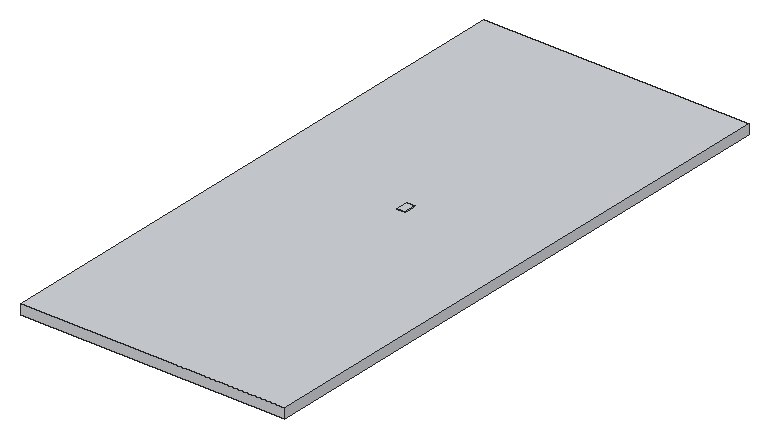
Revit family "M_Rectangular Face Opening Solid", category Generic Models, host Face, Revit 2023
Family settings
  Host = Face
  Can host rebar = No
  Round Connector Dimension = Use Diameter
  Part Type = Normal
  OmniClass Number = 23.30.00.00
  OmniClass Title = Openings, Passages, Protection
  Cut with Voids When Loaded = Yes
  Maintain Annotation Orientation = No
  Shared = No
  Room Calculation Point = No
Parameters (values of type "Rectangular Face Opening")
  isRotated [instance] = no
  h [instance] = 300 mm
  b [instance] = 200 mm
  U.K_#World [instance] = Opening Absolute Level - Height / 2  # -150 mm
  U.K_#Project [instance] = Opening Elevation - Height / 2  # -150 mm
  U.K_#Link [instance] = ##Middle Elevation - Height / 2  # -150 mm
  Slope Shift_Plan [instance] = Width_help / 2  # 100 mm
  Slope Shift_Front_Back [instance] = if(or(Rotate = 90.00°, Rotate = 270.00°), (Width_help - Additional Bottom Cut Offset + Additional Top Cut Offset) / 2, Width / 2)  # 100 mm
  Slope Shift_Left_Right [instance] = if(Slope = 0.00°, if(or(Rotate = 0.00°, Rotate = 180.00°), HT, Height_help / 2), (if(or(Rotate = 90.00°, Rotate = 270.00°), Width / cos(Slope) / 2 - (Depth with Offset * tan(Slope)), Height_help w_o add offsets / cos(Slope) / 2 - (Depth with Offset * tan(Slope)) + if(Additional Top Cut Offset > 0 mm, Additional Top Cut Offset / cos(Slope), 0 mm)))) + (tan(Slope) * Depth with Offset) + if(Rotate = 0.00°, Additional Bottom Cut Offset - Additional Top Cut Offset, 0 mm)  # 150 mm
  Width_help [instance] = if(or(Rotate = 90.00°, Rotate = 270.00°), Height, Width)  # 200 mm
  Subcategory = "Cut Opening"  # constant formula
  Slope_Help [instance] = if(Face Offset_True = 0 mm, 2 mm, 1 mm)  # 2 mm
  Slope [instance] = 0.00°  # constant formula
  Opening Elevation [instance] = 0 mm
  Opening Area [instance] = Width * Height  # 0.06 m²
  Opening Absolute Level [instance] = 0 mm
  MEP - Comment [instance] = "-"
  Inspect [instance] = yes
  Height_help w_o add offsets [instance] = if(h > 2 mm, h + 2 * Cut Offset, 2 mm)  # 300 mm
  Width [instance] = if(b > 2 mm, b + 2 * Cut Offset, 2 mm)  # 200 mm
  Top Length [instance] = if(Face Offset_True = 0 mm, if(Lengthen / 1 * tan(Slope_T) < 2 mm, 0 mm, Lengthen / 1 * tan(Slope_T)), 0 mm)  # 0 mm
  Slope_T [instance] = if(and(not(Slope < 0.00°), Slope < 85.00°), Slope, 0.00°)  # 0.00°
  Rotate_T [instance] = -Rotate  # 0.00°
  Rotate [instance] = 0.00°  # constant formula
  Opening Offset Z [instance] = (-(Additional Top Cut Offset - Additional Bottom Cut Offset) / 2) * sin(Rotate)  # 0 mm
  Opening Offset X [instance] = (-(Additional Top Cut Offset - Additional Bottom Cut Offset) / 2) * cos(Rotate)  # 0 mm
  Lengthen [instance] = if(Height > Width, Height, Width)  # 300 mm
  Height_help [instance] = if(or(Rotate = 90.00°, Rotate = 270.00°), Width / cos(Slope), Height / cos(Slope))  # 300 mm
  HT [instance] = (h / 2 + 1 * Cut Offset + Additional Top Cut Offset) / sin(Angle)  # 150 mm
  HB [instance] = (h / 2 + 1 * Cut Offset + Additional Bottom Cut Offset) / sin(Angle)  # 150 mm
  Filled Region = yes
  Lines [instance] = not(Filled Region)  # no
  Face Offset_Positive [instance] = if(Face Offset_True > 0 mm, Face Offset_True, 0 mm)  # 0 mm
  Face Offset_Negative [instance] = if(Face Offset_True < 0 mm, -Face Offset_True, 0 mm)  # 0 mm
  Face Offset_True [instance] = if(Slope = 0.00°, Face Offset, 0 mm)  # 0 mm
  Face Offset [instance] = 0 mm  # constant formula
  Extrude End [instance] = -Depth_True  # -250 mm
  Detail - Yes / No [instance] = no
  Description = "F"
  Depth_True [instance] = if(Depth with Offset + Face Offset_True > 2 mm, Depth with Offset + Face Offset_True, 2 mm)  # 250 mm
  Depth with Offset [instance] = Depth + Depth Offset  # 250 mm
  Depth Offset [instance] = 0 mm  # constant formula
  Depth [instance] = 250 mm
  Dashed Outline = yes
  Bottom Length [instance] = if(Depth with Offset > 2 mm, Depth with Offset / sin(Angle), 2 mm) + Lengthen / 1 * tan(Slope_T)  # 250 mm
  Height_True [instance] = Height / sin(Angle)  # 300 mm
  Height [instance] = if(h > 2.032 mm, h + 2 * Cut Offset + Additional Top Cut Offset + Additional Bottom Cut Offset, 2.032 mm)  # 300 mm
  Default Elevation = 0 mm
  Cut Offset [instance] = 0 mm  # constant formula
  BPM_txt2 [instance] = ""
  BPM_txt1 [instance] = ""
  BPM_bool2 [instance] = no
  BPM_bool1 [instance] = no
  Assembly Code = ""
  Angle [instance] = 90.00° - Slope_T  # 90.00°
  Additional Top Cut Offset [instance] = 0 mm  # constant formula
  Additional Bottom Cut Offset [instance] = 0 mm  # constant formula
  ##Reference Level [instance] = ""
  ##Middle Elevation [instance] = 0 mm
Reference planes
  plane 1 "Center (Front/Back)": y = 0
  plane 2: z = 0
  plane 3 "Center (Left/Right)": x = 0
  plane 4: x = -100
  plane 5: x = 100
  plane 6: y = -150
  plane 7: y = 150
  plane 8 "Graphical Elements Movement Help": y = -150
  plane 9 "Graphical Elements Movement Help 2": x = -100
  plane 10 "Face Offset_Negative": z = 0
  plane 11 "Face Offset_Positive": z = 0
  plane 12 "Graphical Elements Movement Help 3": x = 0
Forms (mm)
  Extrusion 1, solid
    sketch origin (0, 0, 0) x (1, 0, 0) y (0, 1, 0)
      loop
        line (-3545.185, 6900) -> (-3545.185, -7832.283) -> (3196.862, -7832.283) -> (3196.862, 6900) -> (-3545.185, 6900)
    from 0 to -250 <- "Extrude End"
  Sweep 2, solid
    path in 3D
      loop
        line (0, 0, -250) -> (0, 0, -2) -> (0, 0, 0)
    profile "Rertangular Profile : Rertangular Profile" origin (0, 0, -1) x (0, -1, 0) y (1, 0, 0)
      loop
        line (-150, 100) -> (-150, -100) -> (150, -100) -> (150, 100) -> (-150, 100)
Lines and regions (mm)
  reference lines
    curve 1: line (0, 0, -2) -> (0, 0, 0)
    curve 2: line (0, 0, -2) -> (0, 0, -250)
  sketch lines
    curve 3: line (0, 0, -2) -> (0, 0, 0)
    curve 4: line (0, 0, -2) -> (0, 0, -250)
Dimensions and locks
  equal spacing: plane 4, plane 3 "Center (Left/Right)", plane 5
  "Width": plane 4 to plane 5
  "Height_True": plane 7 to plane 6
  "Bottom Length": plane 2 to curve 2
  "Top Length": plane 10 "Face Offset_Negative" to curve 1
  "HT": plane 1 "Center (Front/Back)" to plane 7
  "HB": plane 1 "Center (Front/Back)" to plane 6
  plane 1 "Center (Front/Back)" to plane 8 "Graphical Elements Movement Help" = 150 mm
  "Slope Shift_Front_Back": plane 3 "Center (Left/Right)" to plane 9 "Graphical Elements Movement Help 2"
  "Face Offset_Positive": plane 11 "Face Offset_Positive" to plane 2
  "Face Offset_Negative": plane 11 "Face Offset_Positive" to plane 10 "Face Offset_Negative"
  "Slope_Help": plane 10 "Face Offset_Negative" to curve 1
  "Slope Shift_Left_Right": plane 8 "Graphical Elements Movement Help" to plane 1 "Center (Front/Back)"
  "Slope Shift_Plan": plane 9 "Graphical Elements Movement Help 2" to plane 12 "Graphical Elements Movement Help 3"
  "Width_help": plane 9 "Graphical Elements Movement Help 2" to nested 1
  "Width_help": plane 9 "Graphical Elements Movement Help 2" to nested 7
  "Angle": angle curve 2 to level
  "Angle": angle curve 1 to level
  aligned and locked: Extrusion 1 to plane 2
  aligned and locked: Extrusion 1 to level
  aligned and locked: plane 1 "Center (Front/Back)" to curve 2
  aligned and locked: plane 9 "Graphical Elements Movement Help 2" to nested 2
  aligned and locked: plane 9 "Graphical Elements Movement Help 2" to nested 4
  aligned and locked: nested 4 to plane 10 "Face Offset_Negative"
  aligned and locked: nested 2 to plane 10 "Face Offset_Negative"
  aligned and locked: nested 8 to plane 10 "Face Offset_Negative"
  aligned and locked: nested 6 to plane 8 "Graphical Elements Movement Help"
  aligned and locked: nested 6 to plane 10 "Face Offset_Negative"
  aligned and locked: nested 5 to plane 8 "Graphical Elements Movement Help"
  aligned and locked: nested 5 to plane 10 "Face Offset_Negative"
  aligned and locked: nested 9 to plane 8 "Graphical Elements Movement Help"
  aligned and locked: nested 9 to plane 10 "Face Offset_Negative"
  aligned and locked: nested 3 to plane 8 "Graphical Elements Movement Help"
  aligned and locked: plane 9 "Graphical Elements Movement Help 2" to nested 8
  aligned and locked: nested 3 to plane 12 "Graphical Elements Movement Help 3"
  aligned and locked: nested 1 to plane 8 "Graphical Elements Movement Help"
  aligned and locked: nested 7 to plane 8 "Graphical Elements Movement Help"
Automatic sketch dimensions
  Extrusion 1 sketch curve to Extrusion 1 sketch curve = 6742.047 mm
  Extrusion 1 sketch curve to Extrusion 1 sketch curve = 14732.283 mm
Nested families
  nested 1: "Opening Lines - Front" at (100, -150, 0) x (-1, 0, 0) z (0, 0, 1), Width_or_Height <- "Width_help", Depth <- "Height_help", visible <- "Lines", type "Standard"
    with Width_or_Height_True 200 mm, Width_or_Height 200 mm, Test Angle q 60.00°, Test Angle p 135.00°, Side Length 300 mm, Region Visible yes, built-in parameter 1001306 0.65617 (stored number, unit not read), Diagonal q 360.555 mm, Diagonal p 360.555 mm, Depth_True 300 mm, Depth 300 mm, Coeff2 1.5, Coeff1 0.66667, Angle_True 90.00°, Angle 90.00°
  nested 2: "Opening Region - Front" at (-100, 0, 0) x (1, 0, 0) z (0, -1, 0), Width_or_Height <- "Width_help", Depth <- "Depth_True", visible <- "Filled Region", type "Standard"
    with Width_or_Height_True 200 mm, Width_or_Height 200 mm, Test Angle q 72.00°, Test Angle p 112.50°, Side Length 250 mm, Region Visible yes, built-in parameter 1001306 0.65617 (stored number, unit not read), Diagonal q 320.156 mm, Diagonal p 320.156 mm, Depth_True 250 mm, Depth 250 mm, Coeff2 1.25, Coeff1 0.8, Angle_True 90.00°, Angle 90.00°
  nested 3: "Opening Region - Plan" at (0, -150, 0) x (-1, 0, 0) z (0, 0, 1), Width <- "Width_help", Depth_Height <- "Height_help", visible <- "Filled Region", type "Standard"
    with Width 200 mm, Depth_Height 300 mm, Depth_4 50 mm, Depth_2 100 mm
  nested 4: "Opening Lines - Front" at (-100, 0, 0) x (1, 0, 0) z (0, -1, 0), Width_or_Height <- "Width_help", Depth <- "Depth_True", visible <- "Lines", type "Standard"
    with Width_or_Height_True 200 mm, Width_or_Height 200 mm, Test Angle q 72.00°, Test Angle p 112.50°, Side Length 250 mm, Region Visible yes, built-in parameter 1001306 0.65617 (stored number, unit not read), Diagonal q 320.156 mm, Diagonal p 320.156 mm, Depth_True 250 mm, Depth 250 mm, Coeff2 1.25, Coeff1 0.8, Angle_True 90.00°, Angle 90.00°
  nested 5: "Opening Region - Front" at (0, -150, 0) x (0, 1, 0) z (1, 0, 0), Width_or_Height <- "Height_help", Depth <- "Depth_True", Angle <- "Angle", visible <- "Filled Region", type "Standard"
    with Width_or_Height_True 300 mm, Width_or_Height 300 mm, Test Angle q 108.00°, Test Angle p 75.00°, Side Length 250 mm, Region Visible yes, built-in parameter 1001306 0.98425 (stored number, unit not read), Diagonal q 390.512 mm, Diagonal p 390.512 mm, Depth_True 250 mm, Depth 250 mm, Coeff2 0.83333, Coeff1 1.2, Angle_True 90.00°, Angle 90.00°
  nested 6: "Opening Lines - Front" at (0, -150, 0) x (0, 1, 0) z (1, 0, 0), Width_or_Height <- "Height_help", Depth <- "Depth_True", Angle <- "Angle", visible <- "Lines", type "Standard"
    with Width_or_Height_True 300 mm, Width_or_Height 300 mm, Test Angle q 108.00°, Test Angle p 75.00°, Side Length 250 mm, Region Visible yes, built-in parameter 1001306 0.98425 (stored number, unit not read), Diagonal q 390.512 mm, Diagonal p 390.512 mm, Depth_True 250 mm, Depth 250 mm, Coeff2 0.83333, Coeff1 1.2, Angle_True 90.00°, Angle 90.00°
  nested 7: "Opening Outlines - Front" at (100, -150, 0) x (-1, 0, 0) z (0, 0, 1), Width_or_Height <- "Width_help", Depth <- "Height_help", visible <- "Dashed Outline", type "Standard"
    with Width_or_Height_True 200 mm, Width_or_Height 200 mm, Test Angle q 60.00°, Test Angle p 135.00°, Side Length 300 mm, Region Visible yes, built-in parameter 1001306 0.65617 (stored number, unit not read), Diagonal q 360.555 mm, Diagonal p 360.555 mm, Depth_True 300 mm, Depth 300 mm, Coeff2 1.5, Coeff1 0.66667, Angle_True 90.00°, Angle 90.00°
  nested 8: "Opening Outlines - Front" at (-100, 0, 0) x (1, 0, 0) z (0, -1, 0), Width_or_Height <- "Width_help", Depth <- "Depth_True", visible <- "Dashed Outline", type "Standard"
    with Width_or_Height_True 200 mm, Width_or_Height 200 mm, Test Angle q 72.00°, Test Angle p 112.50°, Side Length 250 mm, Region Visible yes, built-in parameter 1001306 0.65617 (stored number, unit not read), Diagonal q 320.156 mm, Diagonal p 320.156 mm, Depth_True 250 mm, Depth 250 mm, Coeff2 1.25, Coeff1 0.8, Angle_True 90.00°, Angle 90.00°
  nested 9: "Opening Outlines - Front" at (0, -150, 0) x (0, 1, 0) z (1, 0, 0), Width_or_Height <- "Height_help", Depth <- "Depth_True", Angle <- "Angle", visible <- "Dashed Outline", type "Standard"
    with Width_or_Height_True 300 mm, Width_or_Height 300 mm, Test Angle q 108.00°, Test Angle p 75.00°, Side Length 250 mm, Region Visible yes, built-in parameter 1001306 0.98425 (stored number, unit not read), Diagonal q 390.512 mm, Diagonal p 390.512 mm, Depth_True 250 mm, Depth 250 mm, Coeff2 0.83333, Coeff1 1.2, Angle_True 90.00°, Angle 90.00°
Definition of nested family "Opening Lines - Front"
  Parameters (values of type "Standard")
    Width_or_Height_True [instance] = if(Width_or_Height < 2 mm, 2 mm, if(or(0.5 * Diagonal q < 1 mm, 0.5 * Diagonal q < 1 mm), 2 mm, Width_or_Height))  # 15000 mm
    Width_or_Height [instance] = 15000 mm
    Test Angle q [instance] = Coeff1 * Angle  # 2700.00°
    Test Angle p [instance] = Coeff2 * Angle  # 3.00°
    Side Length [instance] = Depth / sin(Angle)  # 500 mm
    Region Visible [instance] = if(Angle < 20.00°, 1 = 0, if(or(Test Angle q < 3.00°, Test Angle p < 3.00°), 1 = 0, if(or(Width_or_Height < 2 mm, Depth < 2 mm), 1 = 0, if(or(0.5 * Diagonal q < 1 mm, 0.5 * Diagonal q < 1 mm), 1 = 0, 1 = 1))))  # yes
    built-in parameter 1001306 [instance] = Width_or_Height_True  # 49.213 (stored number, unit not read)
    Diagonal q [instance] = if(Angle < 90.00°, sqrt(Side Length ^ 2 + Width_or_Height ^ 2 + 2 * Width_or_Height * Side Length * cos(Angle)), sqrt(Side Length ^ 2 + Width_or_Height ^ 2 - 2 * Width_or_Height * Side Length * cos(Angle)))  # 15008.331 mm
    Diagonal p [instance] = if(Angle < 90.00°, sqrt(Side Length ^ 2 + Width_or_Height ^ 2 - 2 * Width_or_Height * Side Length * cos(Angle)), sqrt(Side Length ^ 2 + Width_or_Height ^ 2 + 2 * Width_or_Height * Side Length * cos(Angle)))  # 15008.331 mm
    Depth_True [instance] = if(or(Test Angle q < 2.00°, Test Angle p < 2.00°), Width_or_Height, if(Depth < 2 mm, 2 mm, if(or(0.5 * Diagonal q < 1 mm, 0.5 * Diagonal q < 1 mm), Width_or_Height_True, Depth)))  # 500 mm
    Depth [instance] = 500 mm
    Coeff2 [instance] = Depth / Width_or_Height  # 0.033333
    Coeff1 [instance] = Width_or_Height / Depth  # 30
    Angle_True [instance] = if(Angle < 20.00°, 90.00°, if(or(Test Angle q < 3.00°, Test Angle p < 3.00°), 90.00°, if(or(0.5 * Diagonal q < 1 mm, 0.5 * Diagonal q < 1 mm), 90.00°, Angle)))  # 90.00°
    Angle [instance] = 90.00°
  Reference planes
    plane 1 "Center (Front/Back)": y = 0
    plane 2: z = 0
    plane 3 "Left": x = 0
    plane 4 "Right": x = 15000
    plane 5 "Bottom center": y = -500
  Lines and regions (mm)
    reference lines, in view "Ref. Level"
      curve 1: line (0, 0, 0) -> (15000, 0, 0)
      curve 2: line (15000, 0, 0) -> (15000, -500, 0)
      curve 3: line (0, 0, 0) -> (0, -500, 0)
      curve 4: line (0, 0, 0) -> (15000, -500, 0)
      curve 5: line (0, -500, 0) -> (15000, 0, 0)
    detail lines, in view "Ref. Level"
      curve 6: line (15000, 0, 0) -> (0, -500, 0)
      curve 7: line (0, 0, 0) -> (15000, -500, 0)
  Dimensions and locks
    plane 3 "Left" to plane 4 "Right" = 15000 mm
    "Depth_True": plane 1 "Center (Front/Back)" to plane 5 "Bottom center"
    "Width_or_Height_True": plane 3 "Left" to plane 4 "Right"
    "Angle_True": angle plane 5 "Bottom center" to curve 2
    "Angle_True": angle plane 5 "Bottom center" to curve 3
    aligned and locked: plane 4 "Right" to curve 1
    aligned and locked: plane 3 "Left" to curve 1
    aligned and locked: curve 2 to plane 5 "Bottom center"
    aligned and locked: plane 1 "Center (Front/Back)" to curve 1
    aligned and locked: curve 5 to curve 6
    aligned and locked: curve 7 to curve 4  (x2)
    aligned and locked: curve 6 to curve 5
  Automatic sketch dimensions
    curve 5 to plane 5 "Bottom center" = 0 mm
    curve 6 to plane 5 "Bottom center" = 0 mm
    plane 1 "Center (Front/Back)" to curve 7 = 0 mm
    curve 7 to plane 5 "Bottom center" = 0 mm
    plane 1 "Center (Front/Back)" to curve 6 = 0 mm
Definition of nested family "Opening Region - Front"
  Parameters (values of type "Standard")
    Width_or_Height_True [instance] = if(Width_or_Height < 2 mm, 2 mm, if(or(0.5 * Diagonal q < 1 mm, 0.5 * Diagonal q < 1 mm), 2 mm, Width_or_Height))  # 11000 mm
    Width_or_Height [instance] = 11000 mm
    Test Angle q [instance] = Coeff1 * Angle  # 4950.00°
    Test Angle p [instance] = Coeff2 * Angle  # 1.63636°
    Side Length [instance] = Depth / sin(Angle)  # 200 mm
    Region Visible [instance] = if(Angle < 20.00°, 1 = 0, if(or(Test Angle q < 3.00°, Test Angle p < 3.00°), 1 = 0, if(or(Width_or_Height < 2 mm, Depth < 2 mm), 1 = 0, if(or(0.5 * Diagonal q < 1 mm, 0.5 * Diagonal q < 1 mm), 1 = 0, 1 = 1))))  # no
    built-in parameter 1001306 [instance] = Width_or_Height_True  # 36.089 (stored number, unit not read)
    Diagonal q [instance] = if(Angle < 90.00°, sqrt(Side Length ^ 2 + Width_or_Height ^ 2 + 2 * Width_or_Height * Side Length * cos(Angle)), sqrt(Side Length ^ 2 + Width_or_Height ^ 2 - 2 * Width_or_Height * Side Length * cos(Angle)))  # 11001.818 mm
    Diagonal p [instance] = if(Angle < 90.00°, sqrt(Side Length ^ 2 + Width_or_Height ^ 2 - 2 * Width_or_Height * Side Length * cos(Angle)), sqrt(Side Length ^ 2 + Width_or_Height ^ 2 + 2 * Width_or_Height * Side Length * cos(Angle)))  # 11001.818 mm
    Depth_True [instance] = if(or(Test Angle q < 2.00°, Test Angle p < 2.00°), Width_or_Height, if(Depth < 2 mm, 2 mm, if(or(0.5 * Diagonal q < 1 mm, 0.5 * Diagonal q < 1 mm), Width_or_Height_True, Depth)))  # 11000 mm
    Depth [instance] = 200 mm
    Coeff2 [instance] = Depth / Width_or_Height  # 0.018182
    Coeff1 [instance] = Width_or_Height / Depth  # 55
    Angle_True [instance] = if(Angle < 20.00°, 90.00°, if(or(Test Angle q < 3.00°, Test Angle p < 3.00°), 90.00°, if(or(0.5 * Diagonal q < 1 mm, 0.5 * Diagonal q < 1 mm), 90.00°, Angle)))  # 90.00°
    Angle [instance] = 90.00°
  Reference planes
    plane 1 "Center (Front/Back)": y = 0
    plane 2: z = 0
    plane 3 "Left": x = 0
    plane 4 "Right": x = 11000
    plane 5: y = -11000
  Lines and regions (mm)
    Filled region 1, type "Solid Fill - Black", in view "Ref. Level", visible <- "Region Visible"
      outline origin (0, 0, 0) x (1, 0, 0) y (0, 1, 0)
        loop
          line (11000, 0) -> (5500, -5500) -> (11000, -11000) -> (11000, 0)
    Filled region 2, type "Solid Fill - Black", in view "Ref. Level", visible <- "Region Visible"
      outline origin (0, 0, 0) x (1, 0, 0) y (0, 1, 0)
        loop
          line (0, 0) -> (0, -11000) -> (5500, -5500) -> (0, 0)
    reference lines, in view "Ref. Level"
      curve 1: line (0, 0, 0) -> (11000, 0, 0)
      curve 2: line (11000, 0, 0) -> (11000, -11000, 0)
      curve 3: line (0, 0, 0) -> (0, -11000, 0)
      curve 4: line (0, 0, 0) -> (11000, -11000, 0)
      curve 5: line (0, -11000, 0) -> (11000, 0, 0)
  Dimensions and locks
    plane 3 "Left" to plane 4 "Right" = 11000 mm  (x2)
    "Depth_True": plane 1 "Center (Front/Back)" to plane 5
    "Width_or_Height_True": plane 3 "Left" to plane 4 "Right"
    "Angle_True": angle plane 5 to curve 2
    "Angle_True": angle plane 5 to curve 3
    aligned and locked: plane 4 "Right" to curve 1
    aligned and locked: plane 3 "Left" to curve 1
    aligned and locked: curve 2 to plane 5
    aligned and locked: plane 1 "Center (Front/Back)" to curve 1
    aligned and locked: Filled region 2 sketch curve to curve 3
    aligned and locked: Filled region 2 sketch curve to curve 5
    aligned and locked: Filled region 2 sketch curve to curve 4
    aligned and locked: Filled region 1 sketch curve to curve 5
    aligned and locked: curve 4 to Filled region 1 sketch curve
    aligned and locked: Filled region 1 sketch curve to curve 2
  Automatic sketch dimensions
    curve 5 to plane 5 = 0 mm
Definition of nested family "Opening Region - Plan"
  Parameters (values of type "Standard")
    Width [instance] = 50 mm
    Depth_4 [instance] = if(Depth_Height < Width, Depth_Height / 4, Width / 4)  # 12.5 mm
    Depth_2 [instance] = if(Depth_Height < Width, Depth_Height / 2, Width / 2)  # 25 mm
    Depth_Height [instance] = 1500 mm
  Reference planes
    plane 1 "Center (Front/Back)": y = 0
    plane 2: z = 0
    plane 3 "Center (Left/Right)": x = 0
  Lines and regions (mm)
    Filled region 1, type "Concrete", in view "Ref. Level"
      outline origin (0, -260, 0) x (1, 0, 0) y (0, 1, 0)
        loop
          line (12.5, -1227.5) -> (-25, -1240) -> (25, -1240) -> (25, 260) -> (12.5, -1227.5)
  Dimensions and locks
    equal spacing: Filled region 1 sketch curve, plane 3 "Center (Left/Right)", Filled region 1 sketch curve
    "Width": Filled region 1 sketch curve to Filled region 1 sketch curve
    "Depth_Height": Filled region 1 sketch curve to plane 1 "Center (Front/Back)"
    "Depth_4": Filled region 1 sketch curve to Filled region 1 sketch curve  (x2)
    aligned and locked: plane 1 "Center (Front/Back)" to Filled region 1 sketch curve
Definition of nested family "Opening Outlines - Front"
  Parameters (values of type "Standard")
    Width_or_Height_True [instance] = if(Width_or_Height < 2 mm, 2 mm, if(or(0.5 * Diagonal q < 1 mm, 0.5 * Diagonal q < 1 mm), 2 mm, Width_or_Height))  # 20 mm
    Width_or_Height [instance] = 20 mm
    Test Angle q [instance] = Coeff1 * Angle  # 60.00°
    Test Angle p [instance] = Coeff2 * Angle  # 60.00°
    Side Length [instance] = Depth / sin(Angle)  # 23.094 mm
    Region Visible [instance] = if(Angle < 20.00°, 1 = 0, if(or(Test Angle q < 3.00°, Test Angle p < 3.00°), 1 = 0, if(or(Width_or_Height < 2 mm, Depth < 2 mm), 1 = 0, if(or(0.5 * Diagonal q < 1 mm, 0.5 * Diagonal q < 1 mm), 1 = 0, 1 = 1))))  # yes
    built-in parameter 1001306 [instance] = Width_or_Height_True  # 0.065617 (stored number, unit not read)
    Diagonal q [instance] = if(Angle < 90.00°, sqrt(Side Length ^ 2 + Width_or_Height ^ 2 + 2 * Width_or_Height * Side Length * cos(Angle)), sqrt(Side Length ^ 2 + Width_or_Height ^ 2 - 2 * Width_or_Height * Side Length * cos(Angle)))  # 37.353 mm
    Diagonal p [instance] = if(Angle < 90.00°, sqrt(Side Length ^ 2 + Width_or_Height ^ 2 - 2 * Width_or_Height * Side Length * cos(Angle)), sqrt(Side Length ^ 2 + Width_or_Height ^ 2 + 2 * Width_or_Height * Side Length * cos(Angle)))  # 21.713 mm
    Depth_True [instance] = if(or(Test Angle q < 2.00°, Test Angle p < 2.00°), Width_or_Height, if(Depth < 2 mm, 2 mm, if(or(0.5 * Diagonal q < 1 mm, 0.5 * Diagonal q < 1 mm), Width_or_Height_True, Depth)))  # 20 mm
    Depth [instance] = 20 mm
    Coeff2 [instance] = Depth / Width_or_Height  # 1
    Coeff1 [instance] = Width_or_Height / Depth  # 1
    Angle_True [instance] = if(Angle < 20.00°, 90.00°, if(or(Test Angle q < 3.00°, Test Angle p < 3.00°), 90.00°, if(or(0.5 * Diagonal q < 1 mm, 0.5 * Diagonal q < 1 mm), 90.00°, Angle)))  # 60.00°
    Angle [instance] = 60.00°
  Reference planes
    plane 1 "Center (Front/Back)": y = 0
    plane 2: z = 0
    plane 3 "Left": x = 0
    plane 4 "Right": x = 20
    plane 5 "Bottom center": y = -20
  Lines and regions (mm)
    reference lines, in view "Ref. Level"
      curve 1: line (0, 0, 0) -> (20, 0, 0)
      curve 2: line (20, 0, 0) -> (8.453, -20, 0)
      curve 3: line (0, 0, 0) -> (-11.547, -20, 0)
    detail lines, in view "Ref. Level"
      curve 4: line (-11.547, -20, 0) -> (0, 0, 0)
      curve 5: line (0, 0, 0) -> (20, 0, 0)
      curve 6: line (20, 0, 0) -> (8.453, -20, 0)
      curve 7: line (8.453, -20, 0) -> (-11.547, -20, 0)
  Dimensions and locks
    plane 3 "Left" to plane 4 "Right" = 20 mm
    "Depth_True": plane 1 "Center (Front/Back)" to plane 5 "Bottom center"
    "Width_or_Height_True": plane 3 "Left" to plane 4 "Right"
    "Angle_True": angle plane 5 "Bottom center" to curve 2
    "Angle_True": angle plane 5 "Bottom center" to curve 3
    aligned and locked: plane 4 "Right" to curve 1
    aligned and locked: plane 3 "Left" to curve 1
    aligned and locked: plane 5 "Bottom center" to curve 2
    aligned and locked: plane 1 "Center (Front/Back)" to curve 1
    aligned and locked: plane 1 "Center (Front/Back)" to curve 5
    aligned and locked: curve 6 to curve 2
    aligned and locked: plane 5 "Bottom center" to curve 7
    aligned and locked: curve 4 to curve 3
